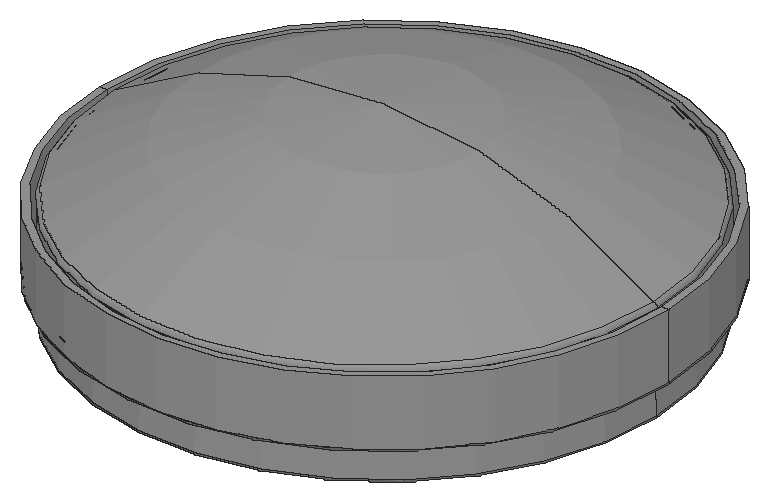
Revit family "3034805 Sylvania Lighting Fixture GIOTTO335 LED G2 3000K SURFACE DALI", category Lighting Fixtures, host Face, Revit 2016
Family settings
  Host = Face
  Part Type = Normal
  Round Connector Dimension = Use Diameter
  OmniClass Number = 23.80.70.00
  OmniClass Title = Lighting
  Cut with Voids When Loaded = No
  Light Source = Yes
  Shared = No
  Room Calculation Point = No
Parameters (values of type "3034805 GIOTTO335 LED G2 SURFACE 3000K DALI")
  Weight = "1.2 kg"
  Wattage Comments = ""
  Wattage = 23 W
  WarrantyStartDate [instance] = "n/a"
  WarrantyGuarantorParts = "n/a"
  WarrantyDurationUnit = "n/a"
  WarrantyDurationParts = "n/a"
  WarrantyDescription = "n/a"
  built-in parameter 1150110 = 1 (stored number, unit not read)
  Voltage = 230 V
  URL = "http://www.sylvania-lighting.com"
  TypeName = "GIOTTO335 LED G2 3000K SURFACE DALI"
  Type Image = <None>
  Type Comments = "n/a"
  built-in parameter 1114217 = 1 (stored number, unit not read)
  Tilt Angle = -90.00°
  built-in parameter 1150109 = 1 (stored number, unit not read)
  built-in parameter 1150134 = (empty or 0)
  built-in parameter 1150113 = 1 (stored number, unit not read)
  SerialNumber [instance] = "n/a"
  Photometric Web File = "3034805.ies"
  Material_3_SYL = LED-Sylvania
  PowerFactor = 0
  PowerConsumption = "23 W"
  NominalLength = 335 mm
  NominalHeight = 110 mm
  NominalDepth = 335 mm
  Name = "GIOTTO335 LED G2 3000K SURFACE DALI"
  ModelReference = Name  # "GIOTTO335 LED G2 3000K SURFACE DALI"
  ModelNumber = "3034805"
  Model = Name  # "GIOTTO335 LED G2 3000K SURFACE DALI"
  Material = "polycarbonate housing, polycarbonate diffuser"
  ManufacturerName = "Feilo Sylvania"
  Manufacturer = "Feilo Sylvania"
  LuminousEfficacy = "92 lm/W"
  built-in parameter 1150105 = 647.62 (stored number, unit not read)
  Lumens = 2116 lm
  LuminaireType = ""
  built-in parameter 1150115 = 1 (stored number, unit not read)
  LightOutputRatio = "n/a"
  built-in parameter 1150137 = (empty or 0)
  built-in parameter 1150139 = (empty or 0)
  LampsType = Lamp  # "LED"
  LampNominalLuminous = "2111 lm"
  LampMacAdamStep = "n/a"
  LampColourTemperature = "3000 K"
  LampColourRenderingIndex = "80"
  built-in parameter 1150112 = 1 (stored number, unit not read)
  built-in parameter 1150114 = 1 (stored number, unit not read)
  Lamp = "LED"
  Keynote = "16500"
  InstallationDate [instance] = "n/a"
  InputVoltage = "n/a"
  InputNominalFrequency = "n/a"
  built-in parameter 1150132 = (empty or 0)
  built-in parameter 1150102 = (empty or 0)
  built-in parameter 1150107 = 3000 (stored number, unit not read)
  built-in parameter 1150138 = (empty or 0)
  IngressProtection = "IP44"
  ImpactProtectionIndex = "IK10"
  built-in parameter 1150106 = 6.4762 (stored number, unit not read)
  IfcExportType = "IfcLightFixtureType"
  IfcExportAs = "IfcLightFixtureType"
  Height_SYL = 110 mm
  ExpectedLife = 50000
  Emit from Circle Diameter = 317 mm
  Emit Shape Visible in Rendering = no
  ElectricShockClassification = "Class I"
  built-in parameter 1150104 = 8.5471 (stored number, unit not read)
  DurationUnit = "hours"
  DocumentationLiterature = "http://www.sylvania-lighting.com/product/en-int/products/3034805"
  DimmingControlOptions = "n/a"
  Material_2_SYL = Polycarbonate_Sylvania_Giotto_Opal
  Dimming Lamp Color Temperature Shift = <None>
  DiffuserRadius_SYL = 282.611 mm
  Diameter_SYL = 335 mm
  Description = "Ambient and decorative round, surface mounted LED bulkhead luminaire. White robust polycarbonate body with opal diffuser, 2111 lm, 23W, 92lm/W, 3000K, CRI 80, DALI, 50,000 hours lumen maintenance. Drive current: 700mA, IP44, IK10, Class I, 220-240V, Energy class: A++, A+, A."
  Default Elevation = 1219.2 mm
  CreatedOn = "9/13/2018"
  CreatedBy = "@sylvania-lighting.com"
  Cost = 0
  Color Filter = 16777215
  built-in parameter 1114216 [instance] = (empty or 0)
  ClassificationValue = "EF_70_80"
  ClassificationName = "Uniclass2015"
  Material_1_SYL = Polycarbonate_Sylvania_Giotto_White
  BarCode [instance] = "n/a"
  built-in parameter 1114218 = 1 (stored number, unit not read)
  built-in parameter 1150133 = 10 (stored number, unit not read)
  AssetType = "Fixed"
  AssetIdentifier [instance] = "n/a"
  Assembly Code = "D5020200"
  Apparent Load = 23 VA
  Material_4_SYL = none
Reference planes
  plane 1 "Center (Front/Back)": y = 0
  plane 2: z = 0
  plane 3 "Center (Left/Right)": x = 0
  plane 4: x = 167.5
  plane 5: x = -167.5
  plane 6: x = -160.5
  plane 7: x = -163.5
  plane 8: z = 110
  plane 9: z = 60
  plane 10: z = 20
  plane 11: z = 25
  plane 12: x = -165.9
  plane 13: z = 21.6
  plane 14: z = 1.6
  plane 15: x = -158.9
  plane 16: z = 19
  plane 17: x = -161.5
  plane 18: z = 26
Forms (mm)
  Revolve 1, solid, material "Polycarbonate_Sylvania_Giotto_White" <- "Material_1_SYL"
    sketch origin (0, 0, 0) x (1, 0, 0) y (0, 0, 1)
      loop
        line (0, 0) -> (0, 26) -> (-158.9, 26) -> (-158.9, 25) -> (-163.5, 25) -> (-163.5, 60) -> (-167.5, 60) -> (-167.5, 21.6)
        arc (-167.5, 21.6) -> (-167.031, 20.469) -> (-165.9, 20) r 1.6
        line (-165.9, 20) -> (-160.5, 20)
        arc (-160.5, 20) -> (-160.193, 19.541) -> (-160.086, 19) r 1.414
        line (-160.086, 19) -> (-160.5, 1.6)
        arc (-160.5, 1.6) -> (-160.031, 0.469) -> (-158.9, 0) r 1.6
        line (-158.9, 0) -> (0, 0)
      axis (0, 60) -> (0, 0)
    angle from 360 to 0
  Revolve 2, solid, material "Polycarbonate_Sylvania_Giotto_Opal" <- "Material_2_SYL"
    sketch origin (0, 0, 0) x (1, 0, 0) y (0, 0, 1)
      loop
        line (-160.5, 25) -> (-158.5, 25) -> (-158.5, 57.891)
        arc (-158.5, 57.891) -> (-158.267, 58.827) -> (-157.623, 59.545) r 2
        arc (-157.623, 59.545) -> (-82.451, 95.612) -> (0, 107.998) r 280.611
        line (0, 107.998) -> (0, 109.998)
        arc (0, 109.998) -> (-83.039, 97.523) -> (-158.747, 61.2) r 282.611
        arc (-158.747, 61.2) -> (-160.035, 59.763) -> (-160.5, 57.891) r 4
        line (-160.5, 57.891) -> (-160.5, 25)
      axis (0, 109.998) -> (0, 25)
    angle from 360 to 0
Dimensions and locks
  equal spacing: plane 4, plane 3 "Center (Left/Right)", plane 5
  "Diameter_SYL": plane 4 to plane 5
  locked: plane 6 to plane 5 at 7
  locked: plane 7 to plane 5 at 4
  "Height_SYL": plane 8 to plane 2
  locked: plane 8 to plane 9 at 50
  locked: plane 9 to plane 10 at 40
  Revolve 1 sketch curve to Revolve 1 sketch curve = 5.4 mm
  locked: plane 11 to plane 10 at 5
  locked: plane 12 to plane 5 at 1.6
  locked: plane 13 to plane 10 at 1.6
  locked: plane 14 to plane 2 at 1.6
  locked: plane 15 to plane 6 at 1.6
  locked: plane 6 to plane 17 at 1
  locked: plane 10 to plane 16 at 1
  locked: plane 18 to plane 11 at 1
  "DiffuserRadius_SYL": radius of Revolve 2 sketch curve
  aligned and locked: plane 2 to host face
  aligned and locked: level to host face
  aligned and locked: Revolve 1 sketch curve to plane 3 "Center (Left/Right)"
  aligned and locked: level to Revolve 1 sketch curve
  aligned and locked: Revolve 1 sketch curve to plane 10
  aligned and locked: plane 9 to Revolve 1 sketch curve
  aligned and locked: Revolve 1 sketch curve to plane 7
  aligned and locked: plane 12 to Revolve 1 sketch curve  (x2)
  aligned and locked: plane 13 to Revolve 1 sketch curve  (x2)
  aligned and locked: plane 17 to Revolve 1 sketch curve
  aligned and locked: plane 16 to Revolve 1 sketch curve  (x2)
  aligned and locked: plane 15 to Revolve 1 sketch curve  (x3)
  aligned and locked: plane 14 to Revolve 1 sketch curve  (x2)
  aligned and locked: Revolve 2 sketch curve to plane 3 "Center (Left/Right)"
  aligned and locked: plane 6 to Revolve 2 sketch curve
  aligned and locked: Revolve 2 sketch curve to Revolve 2 sketch curve
  aligned and locked: plane 3 "Center (Left/Right)" to imposter light
  aligned and locked: imposter light to plane 1 "Center (Front/Back)"
  aligned and locked: plane 18 to Revolve 1 sketch curve
  aligned and locked: plane 11 to Revolve 1 sketch curve
  aligned and locked: plane 11 to Revolve 2 sketch curve
  aligned and locked: plane 3 "Center (Left/Right)" to Revolve 2 sketch curve
  aligned and locked: imposter light to plane 8
Automatic sketch dimensions
  host sketch curve to host sketch curve = 2438.4 mm  (x2)
  Revolve 1 sketch curve to plane 3 "Center (Left/Right)" = 0 mm
  Revolve 1 sketch curve to level = 609.6 mm
  Revolve 1 sketch curve to plane 8 = 2499.058 mm
  Revolve 2 sketch curve to Revolve 2 sketch curve = 0 mm  (x3)
  plane 15 to Revolve 2 sketch curve = 0.4 mm
  Revolve 2 sketch curve to Revolve 2 sketch curve = 2 mm  (x2)
  Revolve 2 sketch curve to level = 172.613 mm
  plane 9 to Revolve 2 sketch curve = 2.109 mm
  Revolve 2 sketch curve to Revolve 2 sketch curve = 436.987 mm
  Revolve 2 sketch curve to plane 8 = 2499.058 mm
Connectors
  electrical at (0, 0, 0), driven by "Apparent Load", driven by "PowerFactor", driven by "Voltage"
    settings: index 1, voltage 230 V, apparent load 23 VA, apparent load phase1 0 VA, apparent load phase2 0 VA, apparent load phase3 0 VA, power factor 0, load classification "Lighting", number of poles 1, system type 30, power factor state 1, is connector primary yes, connector utility no, sub classification motor no, connector description ""
